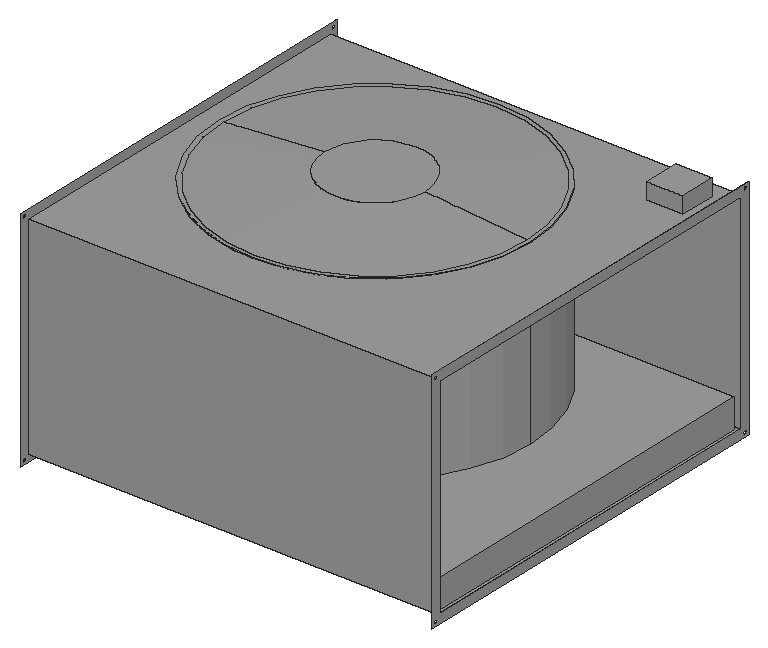
Revit family "BIMLIB_КанальныйВентилятор_RF-VIM_RF-B-VIM_RF-B-EC_SHUFT", category Оборудование, Revit 2017 (continued)
Types (51, lengths in mm): name | Ширина клеммной коробки | Описание | Глубина клеммной коробки | Высота коннекторов | Высота клеммной коробки | r3 | r2 | r1 | r | d | W2 | W1 | W | Модификация S | Тип | Модицикация M | L | IP Двигателя | H2 | H1 | H* | H | ADSK_Частота вращения двигателя | ADSK_Ток | ADSK_Размер_Ширина | ADSK_Размер_Длина | ADSK_Размер_Высота | ADSK_Полная мощность | ADSK_Номинальная мощность | ADSK_Напряжение | ADSK_Наименование | ADSK_Масса | ADSK_Марка | ADSK_Количество фаз | ADSK_Код изделия | ADSK_URL страницы изделия | ADSK_URL документации изделия | 400B | 230B
  RFD-B EC 800x500-S | 85 | "Корпус вентиляторов серии RFE-B EC изготовлен из оцинкованной стали. Вентиляторы оборудованы высокоэффективной крыльчаткой с вперед загнутыми лопатками и асинхронным двигателем с внешним ротором IP54, клеммная коробка IP55. Рабочее колесо установлено методом напрессовки непосредственно на ротор электродвигателя. Электродвигатель с рабочим колесом статически и динамически сбалансированы в двух плоскостях. Шариковые подшипники двигателя не требуют техобслуживания. Защита двигателя вентилятора осуществляется встроенными термоконтактами, требующими подключения внешнего защитного термореле. В случае применения пятиступенчатых регуляторов скорости TRE-T и TRD-T дополнительное защитное термореле не нужно. Регулирование скорости вентилятора осуществляется путем изменения напряжения за счет использования пятиступенчатых трансформаторов TRE-T, TRD-T или однофазных плавных регуляторов скорости SRE." | 85 | 250 | 40 | 100 | 305 | 315 | 5 | 10 | 840 | 820 | 800 | yes | 30 | no | 880 | "IP54" | 540 | 520 | 540 | 500 | 1860 | 5.8 A | 800 | 880 | 500 | 3.6 kW | 3.6 kW | 400 V | "Канальный вентилятор RFD-B EC 800x500-S" | 69 | "RFD-B EC 800x500-S" | 3 | "RFD-B EC 800x500-S" | "http://www.shuft.ru/catalog/1/200/3000/101670/" | "http://www.shuft.ru/upload/downloads/passport-RF_VIM.pdf" | yes | no
  RFD-B EC 900x500 | 85 | "Корпус вентиляторов серии RFE-B EC изготовлен из оцинкованной стали. Вентиляторы оборудованы высокоэффективной крыльчаткой с вперед загнутыми лопатками и асинхронным двигателем с внешним ротором IP54, клеммная коробка IP55. Рабочее колесо установлено методом напрессовки непосредственно на ротор электродвигателя. Электродвигатель с рабочим колесом статически и динамически сбалансированы в двух плоскостях. Шариковые подшипники двигателя не требуют техобслуживания. Защита двигателя вентилятора осуществляется встроенными термоконтактами, требующими подключения внешнего защитного термореле. В случае применения пятиступенчатых регуляторов скорости TRE-T и TRD-T дополнительное защитное термореле не нужно. Регулирование скорости вентилятора осуществляется путем изменения напряжения за счет использования пятиступенчатых трансформаторов TRE-T, TRD-T или однофазных плавных регуляторов скорости SRE." | 85 | 250 | 40 | 120 | 360 | 370 | 5 | 10 | 940 | 920 | 900 | no | 31 | no | 980 | "IP54" | 540 | 520 | 540 | 500 | 1800 | 2.9 A | 900 | 980 | 500 | 1.8 kW | 1.8 kW | 400 V | "Канальный вентилятор RFD-B EC 900x500" | 89 | "RFD-B EC 900x500" | 3 | "RFD-B EC 900x500" | "http://www.shuft.ru/catalog/1/200/3000/101670/" | "http://www.shuft.ru/upload/downloads/passport-RF_VIM.pdf" | yes | no
  RFD-B EC 900x500-S | 85 | "Корпус вентиляторов серии RFE-B EC изготовлен из оцинкованной стали. Вентиляторы оборудованы высокоэффективной крыльчаткой с вперед загнутыми лопатками и асинхронным двигателем с внешним ротором IP54, клеммная коробка IP55. Рабочее колесо установлено методом напрессовки непосредственно на ротор электродвигателя. Электродвигатель с рабочим колесом статически и динамически сбалансированы в двух плоскостях. Шариковые подшипники двигателя не требуют техобслуживания. Защита двигателя вентилятора осуществляется встроенными термоконтактами, требующими подключения внешнего защитного термореле. В случае применения пятиступенчатых регуляторов скорости TRE-T и TRD-T дополнительное защитное термореле не нужно. Регулирование скорости вентилятора осуществляется путем изменения напряжения за счет использования пятиступенчатых трансформаторов TRE-T, TRD-T или однофазных плавных регуляторов скорости SRE." | 85 | 250 | 40 | 120 | 360 | 370 | 5 | 10 | 940 | 920 | 900 | yes | 32 | no | 980 | "IP54" | 540 | 520 | 540 | 500 | 1860 | 5.8 A | 900 | 980 | 500 | 3.6 kW | 3.6 kW | 400 V | "Канальный вентилятор RFD-B EC 900x500-S" | 89 | "RFD-B EC 900x500-S" | 3 | "RFD-B EC 900x500-S" | "http://www.shuft.ru/catalog/1/200/3000/101670/" | "http://www.shuft.ru/upload/downloads/passport-RF_VIM.pdf" | yes | no
  RFD-B EC 1000x500 | 85 | "Корпус вентиляторов серии RFE-B EC изготовлен из оцинкованной стали. Вентиляторы оборудованы высокоэффективной крыльчаткой с вперед загнутыми лопатками и асинхронным двигателем с внешним ротором IP54, клеммная коробка IP55. Рабочее колесо установлено методом напрессовки непосредственно на ротор электродвигателя. Электродвигатель с рабочим колесом статически и динамически сбалансированы в двух плоскостях. Шариковые подшипники двигателя не требуют техобслуживания. Защита двигателя вентилятора осуществляется встроенными термоконтактами, требующими подключения внешнего защитного термореле. В случае применения пятиступенчатых регуляторов скорости TRE-T и TRD-T дополнительное защитное термореле не нужно. Регулирование скорости вентилятора осуществляется путем изменения напряжения за счет использования пятиступенчатых трансформаторов TRE-T, TRD-T или однофазных плавных регуляторов скорости SRE." | 85 | 250 | 40 | 150 | 370 | 390 | 5 | 10 | 1040 | 1020 | 1000 | no | 33 | no | 980 | "IP54" | 540 | 520 | 540 | 500 | 1550 | 5.6 A | 1000 | 980 | 500 | 3.5 kW | 3.5 kW | 400 V | "Канальный вентилятор RFD-B EC 1000x500" | 89 | "RFD-B EC 1000x500" | 3 | "RFD-B EC 1000x500" | "http://www.shuft.ru/catalog/1/200/3000/101670/" | "http://www.shuft.ru/upload/downloads/passport-RF_VIM.pdf" | yes | no
  RFE-B 300x150-2 VIM | 85 | "Корпус вентиляторов серии RF-B VIM изготовлен из оцинкованной стали. Вентиляторы оборудованы высокоэффективной крыльчаткой с вперед загнутыми лопатками и асинхронным двигателем с внешним ротором IP54, клеммная коробка IP55. Рабочее колесо установлено методом напрессовки непосредственно на ротор электродвигателя. Электродвигатель с рабочим колесом статически и динамически сбалансированы в двух плоскостях. Шариковые подшипники двигателя не требуют техобслуживания. Защита двигателя вентилятора осуществляется встроенными термоконтактами, требующими подключения внешнего защитного термореле. В случае применения пятиступенчатых регуляторов скорости TRE-T и TRD-T дополнительное защитное термореле не нужно. Регулирование скорости вентилятора осуществляется путем изменения напряжения за счет использования пятиступенчатых трансформаторов TRE-T, TRD-T или однофазных плавных регуляторов скорости SRE." | 85 | 75 | 40 | 30 | 75 | 80 | 4.5 | 9 | 340 | 320 | 300 | no | 34 | no | 400 | "IP44" | 190 | 170 | 190 | 150 | 2380 | 0.26 A | 300 | 400 | 150 | 0.059 kW | 0.059 kW | 230 V | "Канальный вентилятор RFE-B 300x150-2 VIM" | 7 | "RFE-B 300x150-2 VIM" | 1 | "RFE-B 300x150-2 VIM" | "http://www.shuft.ru/catalog/1/200/3000/4009/" | "http://www.shuft.ru/upload/downloads/passport-RF-B-VIM.pdf" | no | yes
  RFE-B 400x200-2M VIM | 85 | "Корпус вентиляторов серии RF-B VIM изготовлен из оцинкованной стали. Вентиляторы оборудованы высокоэффективной крыльчаткой с вперед загнутыми лопатками и асинхронным двигателем с внешним ротором IP54, клеммная коробка IP55. Рабочее колесо установлено методом напрессовки непосредственно на ротор электродвигателя. Электродвигатель с рабочим колесом статически и динамически сбалансированы в двух плоскостях. Шариковые подшипники двигателя не требуют техобслуживания. Защита двигателя вентилятора осуществляется встроенными термоконтактами, требующими подключения внешнего защитного термореле. В случае применения пятиступенчатых регуляторов скорости TRE-T и TRD-T дополнительное защитное термореле не нужно. Регулирование скорости вентилятора осуществляется путем изменения напряжения за счет использования пятиступенчатых трансформаторов TRE-T, TRD-T или однофазных плавных регуляторов скорости SRE." | 85 | 100 | 40 | 40 | 115 | 120 | 4.5 | 9 | 440 | 420 | 400 | no | 35 | yes | 445 | "IP44" | 240 | 220 | 240 | 200 | 2500 | 0.37 A | 400 | 445 | 200 | 0.085 kW | 0.085 kW | 230 V | "Канальный вентилятор RFE-B 400x200-2M VIM" | 11 | "RFE-B 400x200-2M VIM" | 1 | "RFE-B 400x200-2M VIM" | "http://www.shuft.ru/catalog/1/200/3000/4009/" | "http://www.shuft.ru/upload/downloads/passport-RF-B-VIM.pdf" | no | yes
  RFE-B 400x200-2 VIM | 85 | "Корпус вентиляторов серии RF-B VIM изготовлен из оцинкованной стали. Вентиляторы оборудованы высокоэффективной крыльчаткой с вперед загнутыми лопатками и асинхронным двигателем с внешним ротором IP54, клеммная коробка IP55. Рабочее колесо установлено методом напрессовки непосредственно на ротор электродвигателя. Электродвигатель с рабочим колесом статически и динамически сбалансированы в двух плоскостях. Шариковые подшипники двигателя не требуют техобслуживания. Защита двигателя вентилятора осуществляется встроенными термоконтактами, требующими подключения внешнего защитного термореле. В случае применения пятиступенчатых регуляторов скорости TRE-T и TRD-T дополнительное защитное термореле не нужно. Регулирование скорости вентилятора осуществляется путем изменения напряжения за счет использования пятиступенчатых трансформаторов TRE-T, TRD-T или однофазных плавных регуляторов скорости SRE." | 85 | 100 | 40 | 40 | 115 | 120 | 4.5 | 9 | 440 | 420 | 400 | no | 36 | no | 440 | "IP44" | 240 | 220 | 240 | 200 | 2640 | 0.67 A | 400 | 440 | 200 | 0.148 kW | 0.148 kW | 230 V | "Канальный вентилятор RFE-B 400x200-2 VIM" | 11 | "RFE-B 400x200-2 VIM" | 1 | "RFE-B 400x200-2 VIM" | "http://www.shuft.ru/catalog/1/200/3000/4009/" | "http://www.shuft.ru/upload/downloads/passport-RF-B-VIM.pdf" | no | yes
  RFE-B 500x250-2 VIM | 85 | "Корпус вентиляторов серии RF-B VIM изготовлен из оцинкованной стали. Вентиляторы оборудованы высокоэффективной крыльчаткой с вперед загнутыми лопатками и асинхронным двигателем с внешним ротором IP54, клеммная коробка IP55. Рабочее колесо установлено методом напрессовки непосредственно на ротор электродвигателя. Электродвигатель с рабочим колесом статически и динамически сбалансированы в двух плоскостях. Шариковые подшипники двигателя не требуют техобслуживания. Защита двигателя вентилятора осуществляется встроенными термоконтактами, требующими подключения внешнего защитного термореле. В случае применения пятиступенчатых регуляторов скорости TRE-T и TRD-T дополнительное защитное термореле не нужно. Регулирование скорости вентилятора осуществляется путем изменения напряжения за счет использования пятиступенчатых трансформаторов TRE-T, TRD-T или однофазных плавных регуляторов скорости SRE." | 85 | 125 | 40 | 50 | 165 | 170 | 4.5 | 9 | 540 | 520 | 500 | no | 37 | no | 530 | "IP44" | 250 | 270 | 290 | 250 | 2440 | 0.67 A | 500 | 530 | 250 | 0.154 kW | 0.154 kW | 230 V | "Канальный вентилятор RFE-B 500x250-2 VIM" | 16 | "RFE-B 500x250-2 VIM" | 1 | "RFE-B 500x250-2 VIM" | "http://www.shuft.ru/catalog/1/200/3000/4009/" | "http://www.shuft.ru/upload/downloads/passport-RF-B-VIM.pdf" | no | yes
  RFE-B 500x300-2 VIM | 85 | "Корпус вентиляторов серии RF-B VIM изготовлен из оцинкованной стали. Вентиляторы оборудованы высокоэффективной крыльчаткой с вперед загнутыми лопатками и асинхронным двигателем с внешним ротором IP54, клеммная коробка IP55. Рабочее колесо установлено методом напрессовки непосредственно на ротор электродвигателя. Электродвигатель с рабочим колесом статически и динамически сбалансированы в двух плоскостях. Шариковые подшипники двигателя не требуют техобслуживания. Защита двигателя вентилятора осуществляется встроенными термоконтактами, требующими подключения внешнего защитного термореле. В случае применения пятиступенчатых регуляторов скорости TRE-T и TRD-T дополнительное защитное термореле не нужно. Регулирование скорости вентилятора осуществляется путем изменения напряжения за счет использования пятиступенчатых трансформаторов TRE-T, TRD-T или однофазных плавных регуляторов скорости SRE." | 85 | 150 | 40 | 60 | 165 | 175 | 4.5 | 9 | 540 | 520 | 500 | no | 38 | no | 560 | "IP44" | 340 | 320 | 340 | 300 | 2500 | 0.9 A | 500 | 560 | 300 | 0.2 kW | 0.2 kW | 230 V | "Канальный вентилятор RFE-B 500x300-2 VIM" | 17 | "RFE-B 500x300-2 VIM" | 1 | "RFE-B 500x300-2 VIM" | "http://www.shuft.ru/catalog/1/200/3000/4009/" | "http://www.shuft.ru/upload/downloads/passport-RF-B-VIM.pdf" | no | yes
  RFD-B 500x300-2S VIM | 85 | "Корпус вентиляторов серии RF-B VIM изготовлен из оцинкованной стали. Вентиляторы оборудованы высокоэффективной крыльчаткой с вперед загнутыми лопатками и асинхронным двигателем с внешним ротором IP54, клеммная коробка IP55. Рабочее колесо установлено методом напрессовки непосредственно на ротор электродвигателя. Электродвигатель с рабочим колесом статически и динамически сбалансированы в двух плоскостях. Шариковые подшипники двигателя не требуют техобслуживания. Защита двигателя вентилятора осуществляется встроенными термоконтактами, требующими подключения внешнего защитного термореле. В случае применения пятиступенчатых регуляторов скорости TRE-T и TRD-T дополнительное защитное термореле не нужно. Регулирование скорости вентилятора осуществляется путем изменения напряжения за счет использования пятиступенчатых трансформаторов TRE-T, TRD-T или однофазных плавных регуляторов скорости SRE." | 85 | 150 | 40 | 60 | 165 | 175 | 4.5 | 9 | 540 | 520 | 500 | yes | 39 | no | 560 | "IP44" | 340 | 320 | 340 | 300 | 2770 | 0.88 A | 500 | 560 | 300 | 0.5 kW | 0.5 kW | 400 V | "Канальный вентилятор RFD-B 500x300-2S VIM" | 17 | "RFD-B 500x300-2S VIM" | 3 | "RFD-B 500x300-2S VIM" | "http://www.shuft.ru/catalog/1/200/3000/4009/" | "http://www.shuft.ru/upload/downloads/passport-RF-B-VIM.pdf" | yes | no
  RFE-B 600x300-4 VIM | 85 | "Корпус вентиляторов серии RF-B VIM изготовлен из оцинкованной стали. Вентиляторы оборудованы высокоэффективной крыльчаткой с вперед загнутыми лопатками и асинхронным двигателем с внешним ротором IP54, клеммная коробка IP55. Рабочее колесо установлено методом напрессовки непосредственно на ротор электродвигателя. Электродвигатель с рабочим колесом статически и динамически сбалансированы в двух плоскостях. Шариковые подшипники двигателя не требуют техобслуживания. Защита двигателя вентилятора осуществляется встроенными термоконтактами, требующими подключения внешнего защитного термореле. В случае применения пятиступенчатых регуляторов скорости TRE-T и TRD-T дополнительное защитное термореле не нужно. Регулирование скорости вентилятора осуществляется путем изменения напряжения за счет использования пятиступенчатых трансформаторов TRE-T, TRD-T или однофазных плавных регуляторов скорости SRE." | 85 | 150 | 40 | 70 | 210 | 215 | 4.5 | 9 | 640 | 620 | 600 | no | 40 | no | 640 | "IP54" | 340 | 320 | 340 | 300 | 1390 | 0.77 A | 600 | 640 | 300 | 0.178 kW | 0.178 kW | 230 V | "Канальный вентилятор RFE-B 600x300-4 VIM" | 19 | "RFE-B 600x300-4 VIM" | 1 | "RFE-B 600x300-4 VIM" | "http://www.shuft.ru/catalog/1/200/3000/4009/" | "http://www.shuft.ru/upload/downloads/passport-RF-B-VIM.pdf" | no | yes
  RFD-B 600x300-4 VIM | 85 | "Корпус вентиляторов серии RF-B VIM изготовлен из оцинкованной стали. Вентиляторы оборудованы высокоэффективной крыльчаткой с вперед загнутыми лопатками и асинхронным двигателем с внешним ротором IP54, клеммная коробка IP55. Рабочее колесо установлено методом напрессовки непосредственно на ротор электродвигателя. Электродвигатель с рабочим колесом статически и динамически сбалансированы в двух плоскостях. Шариковые подшипники двигателя не требуют техобслуживания. Защита двигателя вентилятора осуществляется встроенными термоконтактами, требующими подключения внешнего защитного термореле. В случае применения пятиступенчатых регуляторов скорости TRE-T и TRD-T дополнительное защитное термореле не нужно. Регулирование скорости вентилятора осуществляется путем изменения напряжения за счет использования пятиступенчатых трансформаторов TRE-T, TRD-T или однофазных плавных регуляторов скорости SRE." | 85 | 150 | 40 | 70 | 210 | 215 | 4.5 | 9 | 640 | 620 | 600 | no | 41 | no | 640 | "IP54" | 340 | 320 | 340 | 300 | 1410 | 0.45 A | 600 | 640 | 300 | 0.17 kW | 0.17 kW | 400 V | "Канальный вентилятор RFD-B 600x300-4 VIM" | 19 | "RFD-B 600x300-4 VIM" | 3 | "RFD-B 600x300-4 VIM" | "http://www.shuft.ru/catalog/1/200/3000/4009/" | "http://www.shuft.ru/upload/downloads/passport-RF-B-VIM.pdf" | yes | no
  RFE-B 600x350-4 VIM | 85 | "Корпус вентиляторов серии RF-B VIM изготовлен из оцинкованной стали. Вентиляторы оборудованы высокоэффективной крыльчаткой с вперед загнутыми лопатками и асинхронным двигателем с внешним ротором IP54, клеммная коробка IP55. Рабочее колесо установлено методом напрессовки непосредственно на ротор электродвигателя. Электродвигатель с рабочим колесом статически и динамически сбалансированы в двух плоскостях. Шариковые подшипники двигателя не требуют техобслуживания. Защита двигателя вентилятора осуществляется встроенными термоконтактами, требующими подключения внешнего защитного термореле. В случае применения пятиступенчатых регуляторов скорости TRE-T и TRD-T дополнительное защитное термореле не нужно. Регулирование скорости вентилятора осуществляется путем изменения напряжения за счет использования пятиступенчатых трансформаторов TRE-T, TRD-T или однофазных плавных регуляторов скорости SRE." | 85 | 175 | 40 | 70 | 210 | 215 | 5 | 10 | 640 | 620 | 600 | no | 42 | no | 700 | "IP54" | 390 | 370 | 390 | 350 | 1420 | 1.7 A | 600 | 700 | 350 | 0.375 kW | 0.375 kW | 230 V | "Канальный вентилятор RFE-B 600x350-4 VIM" | 24 | "RFE-B 600x350-4 VIM" | 1 | "RFE-B 600x350-4 VIM" | "http://www.shuft.ru/catalog/1/200/3000/4009/" | "http://www.shuft.ru/upload/downloads/passport-RF-B-VIM.pdf" | no | yes
  RFD-B 600x350-4 VIM | 85 | "Корпус вентиляторов серии RF-B VIM изготовлен из оцинкованной стали. Вентиляторы оборудованы высокоэффективной крыльчаткой с вперед загнутыми лопатками и асинхронным двигателем с внешним ротором IP54, клеммная коробка IP55. Рабочее колесо установлено методом напрессовки непосредственно на ротор электродвигателя. Электродвигатель с рабочим колесом статически и динамически сбалансированы в двух плоскостях. Шариковые подшипники двигателя не требуют техобслуживания. Защита двигателя вентилятора осуществляется встроенными термоконтактами, требующими подключения внешнего защитного термореле. В случае применения пятиступенчатых регуляторов скорости TRE-T и TRD-T дополнительное защитное термореле не нужно. Регулирование скорости вентилятора осуществляется путем изменения напряжения за счет использования пятиступенчатых трансформаторов TRE-T, TRD-T или однофазных плавных регуляторов скорости SRE." | 85 | 175 | 40 | 70 | 210 | 215 | 5 | 10 | 640 | 620 | 600 | no | 43 | no | 700 | "IP54" | 390 | 370 | 390 | 350 | 1410 | 0.81 A | 600 | 700 | 350 | 0.34 kW | 0.34 kW | 400 V | "Канальный вентилятор RFD-B 600x350-4 VIM" | 24 | "RFD-B 600x350-4 VIM" | 3 | "RFD-B 600x350-4 VIM" | "http://www.shuft.ru/catalog/1/200/3000/4009/" | "http://www.shuft.ru/upload/downloads/passport-RF-B-VIM.pdf" | yes | no
  RFE-B 700x400-4 VIM | 85 | "Корпус вентиляторов серии RF-B VIM изготовлен из оцинкованной стали. Вентиляторы оборудованы высокоэффективной крыльчаткой с вперед загнутыми лопатками и асинхронным двигателем с внешним ротором IP54, клеммная коробка IP55. Рабочее колесо установлено методом напрессовки непосредственно на ротор электродвигателя. Электродвигатель с рабочим колесом статически и динамически сбалансированы в двух плоскостях. Шариковые подшипники двигателя не требуют техобслуживания. Защита двигателя вентилятора осуществляется встроенными термоконтактами, требующими подключения внешнего защитного термореле. В случае применения пятиступенчатых регуляторов скорости TRE-T и TRD-T дополнительное защитное термореле не нужно. Регулирование скорости вентилятора осуществляется путем изменения напряжения за счет использования пятиступенчатых трансформаторов TRE-T, TRD-T или однофазных плавных регуляторов скорости SRE." | 85 | 200 | 40 | 90 | 255 | 265 | 5 | 10 | 740 | 720 | 700 | no | 44 | no | 780 | "IP54" | 440 | 420 | 440 | 400 | 1410 | 2.55 A | 700 | 780 | 400 | 0.58 kW | 0.58 kW | 230 V | "Канальный вентилятор RFE-B 700x400-4 VIM" | 48 | "RFE-B 700x400-4 VIM" | 1 | "RFE-B 700x400-4 VIM" | "http://www.shuft.ru/catalog/1/200/3000/4009/" | "http://www.shuft.ru/upload/downloads/passport-RF-B-VIM.pdf" | no | yes
  RFD-B 700x400-4 VIM | 85 | "Корпус вентиляторов серии RF-B VIM изготовлен из оцинкованной стали. Вентиляторы оборудованы высокоэффективной крыльчаткой с вперед загнутыми лопатками и асинхронным двигателем с внешним ротором IP54, клеммная коробка IP55. Рабочее колесо установлено методом напрессовки непосредственно на ротор электродвигателя. Электродвигатель с рабочим колесом статически и динамически сбалансированы в двух плоскостях. Шариковые подшипники двигателя не требуют техобслуживания. Защита двигателя вентилятора осуществляется встроенными термоконтактами, требующими подключения внешнего защитного термореле. В случае применения пятиступенчатых регуляторов скорости TRE-T и TRD-T дополнительное защитное термореле не нужно. Регулирование скорости вентилятора осуществляется путем изменения напряжения за счет использования пятиступенчатых трансформаторов TRE-T, TRD-T или однофазных плавных регуляторов скорости SRE." | 85 | 200 | 40 | 90 | 255 | 265 | 5 | 10 | 740 | 720 | 700 | no | 45 | no | 780 | "IP54" | 440 | 420 | 440 | 400 | 1420 | 1.43 A | 700 | 780 | 400 | 0.58 kW | 0.58 kW | 400 V | "Канальный вентилятор RFD-B 700x400-4 VIM" | 48 | "RFD-B 700x400-4 VIM" | 3 | "RFD-B 700x400-4 VIM" | "http://www.shuft.ru/catalog/1/200/3000/4009/" | "http://www.shuft.ru/upload/downloads/passport-RF-B-VIM.pdf" | yes | no
  RFD-B 800x500-4 VIM | 85 | "Корпус вентиляторов серии RF-B VIM изготовлен из оцинкованной стали. Вентиляторы оборудованы высокоэффективной крыльчаткой с вперед загнутыми лопатками и асинхронным двигателем с внешним ротором IP54, клеммная коробка IP55. Рабочее колесо установлено методом напрессовки непосредственно на ротор электродвигателя. Электродвигатель с рабочим колесом статически и динамически сбалансированы в двух плоскостях. Шариковые подшипники двигателя не требуют техобслуживания. Защита двигателя вентилятора осуществляется встроенными термоконтактами, требующими подключения внешнего защитного термореле. В случае применения пятиступенчатых регуляторов скорости TRE-T и TRD-T дополнительное защитное термореле не нужно. Регулирование скорости вентилятора осуществляется путем изменения напряжения за счет использования пятиступенчатых трансформаторов TRE-T, TRD-T или однофазных плавных регуляторов скорости SRE." | 85 | 250 | 40 | 100 | 305 | 315 | 5 | 10 | 840 | 820 | 800 | no | 46 | no | 880 | "IP54" | 540 | 520 | 540 | 500 | 1440 | 2.2 A | 800 | 880 | 500 | 1.1 kW | 1.1 kW | 400 V | "Канальный вентилятор RFD-B 800x500-4 VIM" | 69 | "RFD-B 800x500-4 VIM" | 3 | "RFD-B 800x500-4 VIM" | "http://www.shuft.ru/catalog/1/200/3000/4009/" | "http://www.shuft.ru/upload/downloads/passport-RF-B-VIM.pdf" | yes | no
  RFD-B 800x500-4S VIM | 85 | "Корпус вентиляторов серии RF-B VIM изготовлен из оцинкованной стали. Вентиляторы оборудованы высокоэффективной крыльчаткой с вперед загнутыми лопатками и асинхронным двигателем с внешним ротором IP54, клеммная коробка IP55. Рабочее колесо установлено методом напрессовки непосредственно на ротор электродвигателя. Электродвигатель с рабочим колесом статически и динамически сбалансированы в двух плоскостях. Шариковые подшипники двигателя не требуют техобслуживания. Защита двигателя вентилятора осуществляется встроенными термоконтактами, требующими подключения внешнего защитного термореле. В случае применения пятиступенчатых регуляторов скорости TRE-T и TRD-T дополнительное защитное термореле не нужно. Регулирование скорости вентилятора осуществляется путем изменения напряжения за счет использования пятиступенчатых трансформаторов TRE-T, TRD-T или однофазных плавных регуляторов скорости SRE." | 85 | 250 | 40 | 100 | 305 | 315 | 5 | 10 | 840 | 820 | 800 | yes | 47 | no | 921 | "IP54" | 540 | 520 | 540 | 500 | 1330 | 4.2 A | 800 | 921 | 500 | 2.3 kW | 2.3 kW | 400 V | "Канальный вентилятор RFD-B 800x500-4S VIM" | 95 | "RFD-B 800x500-4S VIM" | 3 | "RFD-B 800x500-4S VIM" | "http://www.shuft.ru/catalog/1/200/3000/4009/" | "http://www.shuft.ru/upload/downloads/passport-RF-B-VIM.pdf" | yes | no
  RFD-B 1000x500-4 VIM | 85 | "Корпус вентиляторов серии RF-B VIM изготовлен из оцинкованной стали. Вентиляторы оборудованы высокоэффективной крыльчаткой с вперед загнутыми лопатками и асинхронным двигателем с внешним ротором IP54, клеммная коробка IP55. Рабочее колесо установлено методом напрессовки непосредственно на ротор электродвигателя. Электродвигатель с рабочим колесом статически и динамически сбалансированы в двух плоскостях. Шариковые подшипники двигателя не требуют техобслуживания. Защита двигателя вентилятора осуществляется встроенными термоконтактами, требующими подключения внешнего защитного термореле. В случае применения пятиступенчатых регуляторов скорости TRE-T и TRD-T дополнительное защитное термореле не нужно. Регулирование скорости вентилятора осуществляется путем изменения напряжения за счет использования пятиступенчатых трансформаторов TRE-T, TRD-T или однофазных плавных регуляторов скорости SRE." | 85 | 250 | 40 | 150 | 370 | 390 | 5 | 10 | 1040 | 1020 | 1000 | no | 48 | no | 980 | "IP54" | 540 | 520 | 540 | 500 | 1400 | 3.6 A | 1000 | 980 | 500 | 2 kW | 2 kW | 400 V | "Канальный вентилятор RFD-B 1000x500-4 VIM" | 89 | "RFD-B 1000x500-4 VIM" | 3 | "RFD-B 1000x500-4 VIM" | "http://www.shuft.ru/catalog/1/200/3000/4009/" | "http://www.shuft.ru/upload/downloads/passport-RF-B-VIM.pdf" | yes | no
  RFD-B 1000x500-4S VIM | 85 | "Корпус вентиляторов серии RF-B VIM изготовлен из оцинкованной стали. Вентиляторы оборудованы высокоэффективной крыльчаткой с вперед загнутыми лопатками и асинхронным двигателем с внешним ротором IP54, клеммная коробка IP55. Рабочее колесо установлено методом напрессовки непосредственно на ротор электродвигателя. Электродвигатель с рабочим колесом статически и динамически сбалансированы в двух плоскостях. Шариковые подшипники двигателя не требуют техобслуживания. Защита двигателя вентилятора осуществляется встроенными термоконтактами, требующими подключения внешнего защитного термореле. В случае применения пятиступенчатых регуляторов скорости TRE-T и TRD-T дополнительное защитное термореле не нужно. Регулирование скорости вентилятора осуществляется путем изменения напряжения за счет использования пятиступенчатых трансформаторов TRE-T, TRD-T или однофазных плавных регуляторов скорости SRE." | 85 | 250 | 40 | 150 | 370 | 390 | 5 | 10 | 1040 | 1020 | 1000 | yes | 49 | no | 1026 | "IP54" | 540 | 520 | 540 | 500 | 1380 | 6.8 A | 1000 | 1026 | 500 | 4.1 kW | 4.1 kW | 400 V | "Канальный вентилятор RFD-B 1000x500-4S VIM" | 119 | "RFD-B 1000x500-4S VIM" | 3 | "RFD-B 1000x500-4S VIM" | "http://www.shuft.ru/catalog/1/200/3000/4009/" | "http://www.shuft.ru/upload/downloads/passport-RF-B-VIM.pdf" | yes | no
  RFD 1000x500-4M VIM | 85 | "Корпус вентиляторов серии RF VIM изготовлен из оцинкованной стали. Вентиляторы оборудованы высокоэффективной крыльчаткой с вперед загнутыми лопатками и асинхронным двигателем с внешним ротором IP54, клеммная коробка IP55. Рабочее колесо установлено методом напрессовки непосредственно на ротор электродвигателя. Электродвигатель с рабочим колесом статически и динамически сбалансированы в двух плоскостях. Шариковые подшипники двигателя не требуют техобслуживания. Защита двигателя вентилятора осуществляется встроенными термоконтактами, требующими подключения внешнего защитного термореле. В случае применения пятиступенчатых регуляторов скорости TRE-T и TRD-T дополнительное защитное термореле не нужно. Регулирование скорости вентилятора осуществляется путем изменения напряжения за счет использования пятиступенчатых трансформаторов TRE-T, TRD-T или однофазных плавных регуляторов скорости SRE." | 85 | 250 | 40 | 150 | 370 | 390 | 5 | 10 | 1042 | 1022 | 1000 | no | 50 | no | 985 | "IP54" | 542 | 522 | 542 | 500 | 1400 | 8 A | 1000 | 985 | 500 | 4.8 kW | 4.8 kW | 400 V | "Канальный вентилятор RFD 1000x500-4M VIM" | 103 | "RFD 1000x500-4M VIM" | 3 | "RFD 1000x500-4M VIM" | "http://www.shuft.ru/catalog/1/200/3000/4008/" | "http://www.shuft.ru/upload/downloads/passport-RF_VIM.pdf" | yes | no
